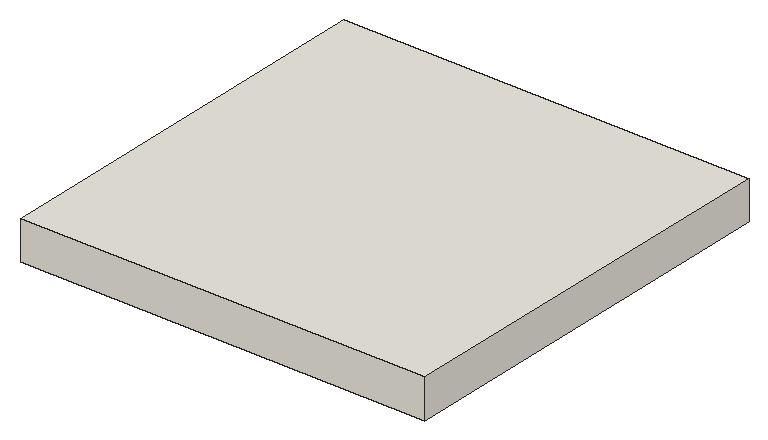
Revit family "UNIVERSAL", category Осветительные приборы, Revit 2019
Family settings
  Размер круглого соединителя = Использовать диаметр
  Тип детали = Нормальный
  На основе рабочей плоскости = Нет
  Всегда вертикально = Нет
  При загрузке вырезать с полостями = Нет
  Источник света = Да
  Общий = Нет
  Точка расчета площади = Да
Parameters (values of type "CSVT Universal - 34/prisma 595х595х55(IP20, 4000К) с БАП на 3 часа")
  built-in parameter 1150104 = 13.8 (stored number, unit not read)
  built-in parameter 1150134 = 12
  Файл фотометрической сетки = "CSVT Universal-34_opal-sand.ies"
  Tilt Angle = 90.00°
  built-in parameter 1150137 = (empty or 0)
  built-in parameter 1150132 = 2
  built-in parameter 1150114 = 1 (stored number, unit not read)
  Dimming Lamp Color Temperature Shift = (empty or 0)
  built-in parameter 1150105 = 246.69 (stored number, unit not read)
  Color Filter = 16777215
  Lumens = 3100 lm
  built-in parameter 1150109 = 1 (stored number, unit not read)
  built-in parameter 1150112 = 1 (stored number, unit not read)
  built-in parameter 1150110 = 1 (stored number, unit not read)
  built-in parameter 1150113 = 1 (stored number, unit not read)
  built-in parameter 1150115 = 1 (stored number, unit not read)
  built-in parameter 1114218 = 1 (stored number, unit not read)
  built-in parameter 1114217 = 1 (stored number, unit not read)
  built-in parameter 1150106 = 2.4669 (stored number, unit not read)
  built-in parameter 1150142 = "IESNA:LM-63-95\r\n[TEST] Протокол № 50-12 \r\n[DATA] 20.06.2016\r\n[MORE] \r\n[MANUFAC] ЗАО \"Центрстройсвет\"\r\n[LUMCAT]  Светильник ALUMOGIPS-38/OPAL-SAND-(610x610)\r\n[LUMINAIRE]\r\n[LAMPCAT] Светодиоды\r\n[LAMP] Поток источника света (светодиодов) не известен\r\n[MORE] КСС приведена в абсолютных величинах кд\r\n[MORE] Вместо потока лампы, указан поток светильника.\r\nTILT=NONE\r\n1    3750 1.0 37 73 1 2 0.61 0.61 0.04\r\n1.0 1.0 38.7\r\n0.0 5.0 10.0 15.0 20.0 25.0 30.0 35.0 40.0 45.0 50.0 55.0 60.0 65.0 70.0 75.0 80.0 85.0 90.0 95.0 100.0 105.0 110.0 115.0 120.0 125.0 130.0 135.0 140.0 145.0 150.0 155.0 160.0 165.0 170.0 175.0 180.0\r\n0.0 5.0 10.0 15.0 20.0 25.0 30.0 35.0 40.0 45.0 50.0 55.0 60.0 65.0 70.0 75.0 80.0 85.0 90.0 95.0 100.0 105.0 110.0 115.0 120.0 125.0 130.0 135.0 140.0 145.0 150.0 155.0 160.0 165.0 170.0 175.0 180.0 185.0 190.0 195.0 200.0 205.0 210.0 215.0 220.0 225.0 230.0 235.0 240.0 245.0 250.0 255.0 260.0 265.0 270.0 275.0 280.0 285.0 290.0 295.0 300.0 305.0 310.0 315.0 320.0 325.0 330.0 335.0 340.0 345.0 350.0 355.0 360.0\r\n1391.4 1390.6 1365.7 1330.6 1277.5 1214.9 1147.5 1059.6 967.6 873.2 772.4 664.9 556.3 449.1 342.7 240.6 147.1 64.2 4.7 0.0 0.0 0.0 0.0 0.0 0.0 0.0 0.0 0.0 0.0 0.0 0.0 0.0 0.0 0.0 0.0 0.0 0.0\r\n1391.4 1390.5 1367.8 1332.7 1284.3 1221.3 1147.0 1062.1 969.2 872.4 773.2 666.3 557.1 450.1 343.8 241.9 146.9 64.7 5.2 0.0 0.0 0.0 0.0 0.0 0.0 0.0 0.0 0.0 0.0 0.0 0.0 0.0 0.0 0.0 0.0 0.0 0.0\r\n1391.4 1390.2 1372.0 1333.3 1277.3 1216.8 1144.5 1057.4 969.6 875.1 773.8 669.5 560.0 454.6 345.8 242.4 148.5 65.8 5.4 0.0 0.0 0.0 0.0 0.0 0.0 0.0 0.0 0.0 0.0 0.0 0.0 0.0 0.0 0.0 0.0 0.0 0.0\r\n1391.4 1389.8 1371.2 1330.7 1279.5 1220.5 1148.3 1059.9 967.7 873.2 767.5 666.8 561.4 453.0 347.1 243.7 149.9 65.6 5.8 0.0 0.0 0.0 0.0 0.0 0.0 0.0 0.0 0.0 0.0 0.0 0.0 0.0 0.0 0.0 0.0 0.0 0.0\r\n1391.4 1389.8 1368.3 1329.3 1285.0 1214.6 1141.1 1058.7 971.8 871.3 775.2 666.9 559.4 452.6 345.8 242.5 150.0 65.8 6.1 0.0 0.0 0.0 0.0 0.0 0.0 0.0 0.0 0.0 0.0 0.0 0.0 0.0 0.0 0.0 0.0 0.0 0.0\r\n1391.4 1390.5 1367.3 1332.3 1281.7 1219.0 1142.8 1064.6 970.5 874.4 772.1 667.5 560.2 453.0 346.2 241.8 149.4 65.7 5.6 0.0 0.0 0.0 0.0 0.0 0.0 0.0 0.0 0.0 0.0 0.0 0.0 0.0 0.0 0.0 0.0 0.0 0.0\r\n1391.4 1391.4 1368.1 1333.5 1277.3 1215.7 1139.0 1059.6 968.1 872.4 771.6 667.4 558.8 453.3 344.3 243.9 148.4 65.7 5.4 0.0 0.0 0.0 0.0 0.0 0.0 0.0 0.0 0.0 0.0 0.0 0.0 0.0 0.0 0.0 0.0 0.0 0.0\r\n1391.4 1391.7 1368.1 1330.4 1278.2 1213.9 1142.4 1061.6 967.4 875.1 772.0 669.3 561.1 452.5 345.2 242.1 148.3 65.4 5.5 0.0 0.0 0.0 0.0 0.0 0.0 0.0 0.0 0.0 0.0 0.0 0.0 0.0 0.0 0.0 0.0 0.0 0.0\r\n1391.4 1391.5 1371.0 1328.4 1278.5 1216.7 1142.1 1061.2 971.8 874.7 772.1 668.9 560.8 452.9 345.4 243.3 147.7 66.0 5.4 0.0 0.0 0.0 0.0 0.0 0.0 0.0 0.0 0.0 0.0 0.0 0.0 0.0 0.0 0.0 0.0 0.0 0.0\r\n1391.4 1391.5 1373.2 1330.5 1277.3 1215.5 1143.2 1063.6 967.0 872.7 772.2 669.4 558.9 453.2 346.6 241.9 148.1 65.2 5.5 0.0 0.0 0.0 0.0 0.0 0.0 0.0 0.0 0.0 0.0 0.0 0.0 0.0 0.0 0.0 0.0 0.0 0.0\r\n1391.4 1391.4 1369.7 1328.3 1281.3 1216.0 1139.8 1057.9 968.7 875.3 773.9 667.6 561.8 454.0 344.0 243.1 147.2 65.6 5.5 0.0 0.0 0.0 0.0 0.0 0.0 0.0 0.0 0.0 0.0 0.0 0.0 0.0 0.0 0.0 0.0 0.0 0.0\r\n1391.4 1390.5 1367.9 1330.1 1278.1 1218.1 1138.9 1061.0 970.0 871.8 770.4 669.3 560.2 453.4 346.9 242.1 148.3 65.2 5.2 0.0 0.0 0.0 0.0 0.0 0.0 0.0 0.0 0.0 0.0 0.0 0.0 0.0 0.0 0.0 0.0 0.0 0.0\r\n1391.4 1389.3 1368.2 1329.1 1280.8 1214.4 1142.5 1059.2 967.2 874.3 772.4 668.0 563.1 452.3 345.7 242.8 146.8 64.9 5.1 0.0 0.0 0.0 0.0 0.0 0.0 0.0 0.0 0.0 0.0 0.0 0.0 0.0 0.0 0.0 0.0 0.0 0.0\r\n1391.4 1388.6 1367.4 1327.8 1278.0 1215.7 1141.0 1061.0 971.5 877.3 771.2 667.3 561.5 453.0 346.4 242.4 146.3 64.8 5.2 0.0 0.0 0.0 0.0 0.0 0.0 0.0 0.0 0.0 0.0 0.0 0.0 0.0 0.0 0.0 0.0 0.0 0.0\r\n1391.4 1388.0 1367.6 1326.7 1278.3 1218.0 1140.9 1061.5 968.4 873.4 770.1 666.6 562.1 454.6 344.8 241.8 146.4 64.0 5.5 0.0 0.0 0.0 0.0 0.0 0.0 0.0 0.0 0.0 0.0 0.0 0.0 0.0 0.0 0.0 0.0 0.0 0.0\r\n1391.4 1387.2 1366.1 1331.0 1281.4 1216.3 1142.7 1059.1 969.4 871.5 772.2 667.3 560.5 453.0 344.4 242.2 146.4 63.8 5.6 0.0 0.0 0.0 0.0 0.0 0.0 0.0 0.0 0.0 0.0 0.0 0.0 0.0 0.0 0.0 0.0 0.0 0.0\r\n1391.4 1387.1 1366.3 1328.7 1276.9 1214.5 1141.2 1059.3 968.4 874.3 775.5 668.3 562.5 454.9 346.4 241.3 146.2 63.5 5.7 0.0 0.0 0.0 0.0 0.0 0.0 0.0 0.0 0.0 0.0 0.0 0.0 0.0 0.0 0.0 0.0 0.0 0.0\r\n1391.4 1388.4 1366.0 1329.7 1279.2 1217.9 1140.0 1060.5 969.0 873.9 772.0 671.3 560.4 453.2 343.7 241.7 145.8 63.7 5.4 0.0 0.0 0.0 0.0 0.0 0.0 0.0 0.0 0.0 0.0 0.0 0.0 0.0 0.0 0.0 0.0 0.0 0.0\r\n1391.4 1389.6 1367.7 1329.3 1277.2 1211.1 1140.1 1061.0 971.0 871.2 769.2 669.1 561.5 453.1 343.3 241.9 145.8 63.4 5.2 0.0 0.0 0.0 0.0 0.0 0.0 0.0 0.0 0.0 0.0 0.0 0.0 0.0 0.0 0.0 0.0 0.0 0.0\r\n1391.4 1388.8 1366.9 1327.1 1279.4 1214.2 1142.5 1056.4 970.7 870.3 771.0 665.1 560.4 453.3 343.8 241.1 145.7 63.4 5.2 0.0 0.0 0.0 0.0 0.0 0.0 0.0 0.0 0.0 0.0 0.0 0.0 0.0 0.0 0.0 0.0 0.0 0.0\r\n1391.4 1387.2 1365.8 1328.9 1276.6 1210.2 1141.4 1059.3 966.6 871.4 770.5 667.4 559.2 451.4 344.2 241.0 145.6 63.2 5.1 0.0 0.0 0.0 0.0 0.0 0.0 0.0 0.0 0.0 0.0 0.0 0.0 0.0 0.0 0.0 0.0 0.0 0.0\r\n1391.4 1386.8 1364.4 1329.8 1279.4 1213.7 1144.0 1059.0 965.3 873.7 768.8 668.9 559.4 449.5 342.6 241.5 144.6 63.4 5.0 0.0 0.0 0.0 0.0 0.0 0.0 0.0 0.0 0.0 0.0 0.0 0.0 0.0 0.0 0.0 0.0 0.0 0.0\r\n1391.4 1388.1 1365.8 1328.1 1273.8 1213.4 1137.9 1059.2 967.3 869.2 769.3 667.7 558.4 451.4 344.0 240.6 145.7 63.4 4.9 0.0 0.0 0.0 0.0 0.0 0.0 0.0 0.0 0.0 0.0 0.0 0.0 0.0 0.0 0.0 0.0 0.0 0.0\r\n1391.4 1389.2 1364.4 1323.2 1276.3 1213.8 1137.6 1055.3 963.1 871.0 767.7 664.1 559.7 447.1 342.4 240.1 145.2 63.9 5.1 0.0 0.0 0.0 0.0 0.0 0.0 0.0 0.0 0.0 0.0 0.0 0.0 0.0 0.0 0.0 0.0 0.0 0.0\r\n1391.4 1388.4 1362.3 1326.8 1274.4 1212.2 1137.9 1054.7 966.7 867.9 768.7 663.4 557.3 449.2 343.3 240.0 145.7 63.6 5.0 0.0 0.0 0.0 0.0 0.0 0.0 0.0 0.0 0.0 0.0 0.0 0.0 0.0 0.0 0.0 0.0 0.0 0.0\r\n1391.4 1386.2 1361.8 1326.5 1273.3 1211.2 1134.5 1048.6 964.3 866.3 767.8 662.9 556.7 449.5 341.9 239.8 145.7 63.7 5.0 0.0 0.0 0.0 0.0 0.0 0.0 0.0 0.0 0.0 0.0 0.0 0.0 0.0 0.0 0.0 0.0 0.0 0.0\r\n1391.4 1384.4 1363.5 1324.4 1272.0 1209.5 1137.2 1053.0 960.2 867.5 767.9 662.7 556.7 449.2 342.5 239.1 146.2 63.8 4.8 0.0 0.0 0.0 0.0 0.0 0.0 0.0 0.0 0.0 0.0 0.0 0.0 0.0 0.0 0.0 0.0 0.0 0.0\r\n1391.4 1383.7 1362.4 1324.4 1274.0 1209.5 1134.4 1050.1 965.4 864.9 764.6 662.3 556.6 447.9 340.5 240.3 145.5 64.6 4.6 0.0 0.0 0.0 0.0 0.0 0.0 0.0 0.0 0.0 0.0 0.0 0.0 0.0 0.0 0.0 0.0 0.0 0.0\r\n1391.4 1384.4 1361.9 1326.9 1270.2 1207.3 1132.7 1050.1 959.7 867.7 763.1 662.2 555.0 447.3 343.0 238.3 145.8 63.9 4.7 0.0 0.0 0.0 0.0 0.0 0.0 0.0 0.0 0.0 0.0 0.0 0.0 0.0 0.0 0.0 0.0 0.0 0.0\r\n1391.4 1385.1 1363.0 1320.0 1270.4 1207.9 1134.4 1055.0 963.5 867.3 766.7 660.7 555.9 450.1 342.6 240.2 145.9 64.3 4.9 0.0 0.0 0.0 0.0 0.0 0.0 0.0 0.0 0.0 0.0 0.0 0.0 0.0 0.0 0.0 0.0 0.0 0.0\r\n1391.4 1384.9 1362.3 1321.4 1273.1 1208.0 1135.4 1052.3 961.9 865.0 764.0 660.8 553.5 447.6 341.2 240.3 146.1 63.8 4.8 0.0 0.0 0.0 0.0 0.0 0.0 0.0 0.0 0.0 0.0 0.0 0.0 0.0 0.0 0.0 0.0 0.0 0.0\r\n1391.4 1383.8 1361.2 1322.1 1265.1 1211.5 1132.8 1049.3 961.3 863.4 764.0 661.0 550.7 447.9 341.0 240.1 146.2 63.8 4.6 0.0 0.0 0.0 0.0 0.0 0.0 0.0 0.0 0.0 0.0 0.0 0.0 0.0 0.0 0.0 0.0 0.0 0.0\r\n1391.4 1382.8 1359.3 1321.5 1269.3 1206.8 1132.8 1051.1 958.3 863.2 763.1 662.7 553.4 448.0 340.4 240.0 145.8 63.8 4.0 0.0 0.0 0.0 0.0 0.0 0.0 0.0 0.0 0.0 0.0 0.0 0.0 0.0 0.0 0.0 0.0 0.0 0.0\r\n1391.4 1382.6 1359.0 1319.6 1268.1 1204.3 1129.8 1049.0 957.7 861.8 761.7 658.4 554.2 446.1 340.4 239.0 145.6 63.8 3.8 0.0 0.0 0.0 0.0 0.0 0.0 0.0 0.0 0.0 0.0 0.0 0.0 0.0 0.0 0.0 0.0 0.0 0.0\r\n1391.4 1382.8 1358.5 1315.8 1266.5 1202.1 1128.5 1049.2 957.6 860.0 762.1 658.2 549.9 443.8 339.6 238.4 145.7 63.6 3.7 0.0 0.0 0.0 0.0 0.0 0.0 0.0 0.0 0.0 0.0 0.0 0.0 0.0 0.0 0.0 0.0 0.0 0.0\r\n1391.4 1382.2 1360.5 1319.2 1265.9 1204.5 1129.9 1046.9 955.0 862.9 758.9 657.9 552.5 444.9 338.9 238.8 145.3 63.6 3.3 0.0 0.0 0.0 0.0 0.0 0.0 0.0 0.0 0.0 0.0 0.0 0.0 0.0 0.0 0.0 0.0 0.0 0.0\r\n1391.4 1381.1 1361.2 1321.0 1268.1 1203.8 1128.8 1047.4 955.6 863.7 761.1 656.4 551.5 445.2 339.2 238.5 144.7 62.5 3.5 0.0 0.0 0.0 0.0 0.0 0.0 0.0 0.0 0.0 0.0 0.0 0.0 0.0 0.0 0.0 0.0 0.0 0.0\r\n1391.4 1380.6 1359.0 1316.4 1268.5 1204.0 1126.1 1049.5 956.2 859.6 759.7 656.5 549.2 444.3 338.4 236.1 143.8 61.6 3.2 0.0 0.0 0.0 0.0 0.0 0.0 0.0 0.0 0.0 0.0 0.0 0.0 0.0 0.0 0.0 0.0 0.0 0.0\r\n1391.4 1380.7 1356.6 1316.0 1267.0 1205.6 1130.3 1044.8 956.9 856.7 759.3 653.5 548.1 441.9 335.3 235.4 141.4 60.3 2.9 0.0 0.0 0.0 0.0 0.0 0.0 0.0 0.0 0.0 0.0 0.0 0.0 0.0 0.0 0.0 0.0 0.0 0.0\r\n1391.4 1380.4 1354.4 1317.9 1268.8 1199.0 1129.0 1044.0 956.9 860.6 758.3 656.9 549.1 442.0 334.4 236.1 141.7 60.5 2.6 0.0 0.0 0.0 0.0 0.0 0.0 0.0 0.0 0.0 0.0 0.0 0.0 0.0 0.0 0.0 0.0 0.0 0.0\r\n1391.4 1380.1 1356.7 1322.1 1264.6 1201.7 1129.9 1047.4 957.2 859.7 758.2 656.1 549.4 442.8 335.3 235.8 141.3 60.6 2.3 0.0 0.0 0.0 0.0 0.0 0.0 0.0 0.0 0.0 0.0 0.0 0.0 0.0 0.0 0.0 0.0 0.0 0.0\r\n1391.4 1379.9 1357.3 1317.5 1265.9 1207.8 1129.2 1046.5 955.7 860.2 758.6 656.9 550.7 441.9 335.4 233.9 140.6 60.2 2.4 0.0 0.0 0.0 0.0 0.0 0.0 0.0 0.0 0.0 0.0 0.0 0.0 0.0 0.0 0.0 0.0 0.0 0.0\r\n1391.4 1379.2 1355.5 1314.6 1269.3 1203.7 1133.5 1044.8 957.2 857.9 762.0 656.6 548.7 440.4 335.9 234.5 140.4 59.8 2.8 0.0 0.0 0.0 0.0 0.0 0.0 0.0 0.0 0.0 0.0 0.0 0.0 0.0 0.0 0.0 0.0 0.0 0.0\r\n1391.4 1377.9 1357.1 1319.2 1271.9 1204.4 1128.6 1050.2 953.1 856.9 757.6 653.7 548.9 439.9 335.4 232.4 140.5 59.2 3.0 0.0 0.0 0.0 0.0 0.0 0.0 0.0 0.0 0.0 0.0 0.0 0.0 0.0 0.0 0.0 0.0 0.0 0.0\r\n1391.4 1377.2 1356.3 1322.9 1266.0 1204.8 1132.2 1049.0 958.1 859.3 759.0 654.6 547.0 441.6 334.9 232.1 139.3 58.8 2.9 0.0 0.0 0.0 0.0 0.0 0.0 0.0 0.0 0.0 0.0 0.0 0.0 0.0 0.0 0.0 0.0 0.0 0.0\r\n1391.4 1377.8 1353.8 1319.7 1269.6 1207.9 1135.8 1049.5 955.8 858.0 762.4 655.9 548.2 441.6 335.6 231.7 139.4 58.8 2.8 0.0 0.0 0.0 0.0 0.0 0.0 0.0 0.0 0.0 0.0 0.0 0.0 0.0 0.0 0.0 0.0 0.0 0.0\r\n1391.4 1378.5 1355.2 1319.8 1267.3 1206.5 1131.2 1046.1 954.6 861.2 756.6 653.8 548.1 440.3 335.0 232.6 138.6 59.0 2.9 0.0 0.0 0.0 0.0 0.0 0.0 0.0 0.0 0.0 0.0 0.0 0.0 0.0 0.0 0.0 0.0 0.0 0.0\r\n1391.4 1378.6 1355.1 1318.3 1269.7 1200.8 1133.1 1049.0 957.6 862.5 762.4 656.9 549.3 443.5 334.7 231.2 138.8 58.1 3.0 0.0 0.0 0.0 0.0 0.0 0.0 0.0 0.0 0.0 0.0 0.0 0.0 0.0 0.0 0.0 0.0 0.0 0.0\r\n1391.4 1378.8 1355.8 1321.7 1268.8 1210.0 1129.0 1048.5 958.8 862.4 762.2 656.4 549.0 441.1 335.4 231.5 138.5 58.1 3.0 0.0 0.0 0.0 0.0 0.0 0.0 0.0 0.0 0.0 0.0 0.0 0.0 0.0 0.0 0.0 0.0 0.0 0.0\r\n1391.4 1379.6 1357.6 1321.7 1269.0 1207.1 1133.9 1047.0 964.1 863.3 761.9 656.4 551.5 440.7 334.9 232.2 137.6 58.1 2.8 0.0 0.0 0.0 0.0 0.0 0.0 0.0 0.0 0.0 0.0 0.0 0.0 0.0 0.0 0.0 0.0 0.0 0.0\r\n1391.4 1380.6 1357.7 1319.2 1272.0 1207.5 1131.3 1054.6 959.0 863.3 764.8 655.9 549.1 443.0 335.1 231.3 138.0 58.1 2.7 0.0 0.0 0.0 0.0 0.0 0.0 0.0 0.0 0.0 0.0 0.0 0.0 0.0 0.0 0.0 0.0 0.0 0.0\r\n1391.4 1381.5 1358.5 1321.9 1271.0 1204.1 1135.9 1055.8 962.5 865.5 761.1 656.9 550.6 442.0 335.3 231.9 137.4 57.9 2.6 0.0 0.0 0.0 0.0 0.0 0.0 0.0 0.0 0.0 0.0 0.0 0.0 0.0 0.0 0.0 0.0 0.0 0.0\r\n1391.4 1381.3 1358.5 1322.3 1270.8 1207.2 1133.7 1051.9 958.0 867.3 767.5 657.0 552.1 442.3 333.6 231.2 137.9 57.8 2.6 0.0 0.0 0.0 0.0 0.0 0.0 0.0 0.0 0.0 0.0 0.0 0.0 0.0 0.0 0.0 0.0 0.0 0.0\r\n1391.4 1380.6 1359.4 1319.7 1270.6 1209.0 1133.0 1052.1 963.9 867.5 764.1 660.0 554.0 443.3 334.8 231.7 137.6 57.8 2.7 0.0 0.0 0.0 0.0 0.0 0.0 0.0 0.0 0.0 0.0 0.0 0.0 0.0 0.0 0.0 0.0 0.0 0.0\r\n1391.4 1381.3 1359.9 1321.3 1270.6 1204.8 1135.0 1051.3 962.1 865.5 761.7 660.3 553.1 443.5 334.1 231.9 137.9 57.8 2.8 0.0 0.0 0.0 0.0 0.0 0.0 0.0 0.0 0.0 0.0 0.0 0.0 0.0 0.0 0.0 0.0 0.0 0.0\r\n1391.4 1383.1 1362.1 1324.8 1273.8 1208.7 1134.8 1055.9 961.8 866.4 762.3 659.7 552.4 443.7 334.4 232.8 138.0 58.0 2.8 0.0 0.0 0.0 0.0 0.0 0.0 0.0 0.0 0.0 0.0 0.0 0.0 0.0 0.0 0.0 0.0 0.0 0.0\r\n1391.4 1384.6 1360.4 1321.7 1272.0 1210.6 1130.9 1052.5 963.1 866.7 767.4 659.3 553.7 444.6 335.4 233.1 138.3 58.0 2.8 0.0 0.0 0.0 0.0 0.0 0.0 0.0 0.0 0.0 0.0 0.0 0.0 0.0 0.0 0.0 0.0 0.0 0.0\r\n1391.4 1385.6 1357.5 1324.7 1273.9 1211.6 1134.3 1052.7 963.6 865.4 763.1 658.7 552.2 444.9 336.9 232.8 138.8 58.6 2.9 0.0 0.0 0.0 0.0 0.0 0.0 0.0 0.0 0.0 0.0 0.0 0.0 0.0 0.0 0.0 0.0 0.0 0.0\r\n1391.4 1386.4 1357.8 1323.4 1273.2 1212.2 1136.3 1054.7 967.5 867.5 764.0 659.4 553.3 443.7 336.8 233.2 138.9 58.5 3.1 0.0 0.0 0.0 0.0 0.0 0.0 0.0 0.0 0.0 0.0 0.0 0.0 0.0 0.0 0.0 0.0 0.0 0.0\r\n1391.4 1386.6 1362.0 1324.9 1273.2 1211.3 1139.0 1049.9 960.3 866.4 768.0 661.3 552.2 443.4 336.3 233.4 139.8 58.9 3.1 0.0 0.0 0.0 0.0 0.0 0.0 0.0 0.0 0.0 0.0 0.0 0.0 0.0 0.0 0.0 0.0 0.0 0.0\r\n1391.4 1386.0 1360.5 1326.0 1271.8 1212.0 1137.2 1059.3 963.5 867.6 766.9 661.2 552.3 445.8 337.8 233.6 141.0 59.2 3.3 0.0 0.0 0.0 0.0 0.0 0.0 0.0 0.0 0.0 0.0 0.0 0.0 0.0 0.0 0.0 0.0 0.0 0.0\r\n1391.4 1385.0 1362.3 1325.1 1272.0 1207.1 1138.5 1053.6 964.5 865.8 766.5 661.6 554.3 445.9 337.0 234.5 140.4 60.2 3.5 0.0 0.0 0.0 0.0 0.0 0.0 0.0 0.0 0.0 0.0 0.0 0.0 0.0 0.0 0.0 0.0 0.0 0.0\r\n1391.4 1384.4 1361.8 1323.6 1274.0 1214.8 1138.9 1053.9 968.0 867.9 769.0 663.8 555.6 446.7 339.6 235.0 141.3 60.4 3.4 0.0 0.0 0.0 0.0 0.0 0.0 0.0 0.0 0.0 0.0 0.0 0.0 0.0 0.0 0.0 0.0 0.0 0.0\r\n1391.4 1385.0 1360.9 1322.2 1272.4 1209.8 1137.2 1055.7 962.7 869.7 769.6 658.2 556.6 447.4 338.5 236.2 142.5 60.7 3.4 0.0 0.0 0.0 0.0 0.0 0.0 0.0 0.0 0.0 0.0 0.0 0.0 0.0 0.0 0.0 0.0 0.0 0.0\r\n1391.4 1386.6 1363.1 1323.6 1272.5 1211.5 1139.2 1058.4 969.9 868.0 768.8 664.6 556.3 445.8 342.1 236.1 142.3 61.2 3.5 0.0 0.0 0.0 0.0 0.0 0.0 0.0 0.0 0.0 0.0 0.0 0.0 0.0 0.0 0.0 0.0 0.0 0.0\r\n1391.4 1388.6 1360.9 1330.2 1273.7 1213.2 1138.7 1058.3 966.2 867.0 766.8 663.4 553.3 447.1 339.2 238.7 143.0 61.4 3.8 0.0 0.0 0.0 0.0 0.0 0.0 0.0 0.0 0.0 0.0 0.0 0.0 0.0 0.0 0.0 0.0 0.0 0.0\r\n1391.4 1389.8 1360.8 1328.4 1276.8 1216.0 1140.1 1055.8 963.1 870.3 768.4 663.1 554.0 449.1 340.1 237.3 144.8 61.7 3.8 0.0 0.0 0.0 0.0 0.0 0.0 0.0 0.0 0.0 0.0 0.0 0.0 0.0 0.0 0.0 0.0 0.0 0.0\r\n1391.4 1389.3 1362.5 1325.9 1278.0 1210.4 1138.2 1054.7 967.8 872.7 770.2 661.9 556.5 446.9 341.3 237.7 144.4 62.5 3.9 0.0 0.0 0.0 0.0 0.0 0.0 0.0 0.0 0.0 0.0 0.0 0.0 0.0 0.0 0.0 0.0 0.0 0.0\r\n1391.4 1387.8 1365.8 1326.6 1274.3 1213.2 1141.4 1053.1 966.2 871.2 768.4 663.7 555.0 447.1 341.3 238.2 144.3 62.7 4.1 0.0 0.0 0.0 0.0 0.0 0.0 0.0 0.0 0.0 0.0 0.0 0.0 0.0 0.0 0.0 0.0 0.0 0.0\r\n1391.4 1387.2 1364.2 1328.3 1274.8 1209.4 1145.0 1060.0 963.9 867.5 766.5 663.4 556.7 448.2 340.9 240.3 144.7 63.3 4.0 0.0 0.0 0.0 0.0 0.0 0.0 0.0 0.0 0.0 0.0 0.0 0.0 0.0 0.0 0.0 0.0 0.0 0.0\r\n1391.4 1388.4 1364.9 1332.6 1279.0 1215.6 1140.9 1056.3 969.3 867.1 770.0 663.8 559.0 449.0 342.4 240.3 145.7 63.3 4.7 0.0 0.0 0.0 0.0 0.0 0.0 0.0 0.0 0.0 0.0 0.0 0.0 0.0 0.0 0.0 0.0 0.0 0.0\r\n1391.4 1390.0 1364.5 1329.3 1281.4 1217.7 1141.3 1063.3 970.3 871.1 768.8 663.5 555.2 449.3 342.4 239.8 146.6 63.3 4.9 0.0 0.0 0.0 0.0 0.0 0.0 0.0 0.0 0.0 0.0 0.0 0.0 0.0 0.0 0.0 0.0 0.0 0.0\r\n1391.4 1390.6 1365.7 1330.6 1277.5 1214.9 1147.5 1059.6 967.6 873.2 772.4 664.9 556.3 449.1 342.7 240.6 147.1 64.2 4.7 0.0 0.0 0.0 0.0 0.0 0.0 0.0 0.0 0.0 0.0 0.0 0.0 0.0 0.0 0.0 0.0 0.0 0.0\r\n"
  built-in parameter 1150133 = 10 (stored number, unit not read)
  Wattage = 20.8695 W
  built-in parameter 1150139 = (empty or 0)
  built-in parameter 1150138 = (empty or 0)
  built-in parameter 1150107 = 4000 (stored number, unit not read)
  built-in parameter 1150102 = (empty or 0)
  Emit from Rectangle Width = Ширина - 40 mm  # 555 mm
  Emit from Rectangle Length = Длина - 40 mm  # 555 mm
  Длина = 595 mm
  УГО [instance] = yes
  Description = ""
  Материал светильника = RAL 9001
  Материал стекла = RAL светящийся
  Type Comments = ""
  Изготовитель = "ЗАО «Центрстройсвет»"
  Ширина = 595 mm
  Высота = 55 mm
  Видимая форма излучения при визуализации = yes
  URL = "http://csvt.ru/"
  ADSK_Ток = ADSK_Номинальная мощность / (ADSK_Коэффициент мощности * ADSK_Напряжение * sqrt(ADSK_Количество фаз числовое))  # 0.151229 A
  ADSK_Примечание = ""
  ADSK_Полная мощность = ADSK_Номинальная мощность / ADSK_Коэффициент мощности  # 34.7826 VA
  ADSK_Обозначение = "CSVT Universal - 34/prisma 595х595х55 (IP20, 4000К)"
  ADSK_Номинальная мощность = 32 W
  ADSK_Напряжение = 230 V
  ADSK_Наименование = "Универсальный светодиодный светильник CSVT Universal - 34/prisma 595х595х55(IP20, 4000К) с БАП на 3 часа"
  ADSK_Масса = 3
  ADSK_Коэффициент мощности = 0.92
  ADSK_Количество фаз числовое = 1
  ADSK_Количество фаз = 1
  ADSK_Код изделия = "ЦБ000007896"
  ADSK_Классификация нагрузок = Прочее
  ADSK_Завод-изготовитель = "ЗАО «Центрстройсвет»"
  ADSK_Единица измерения = "шт."
Reference planes
  plane 1 "По центру (Вперед/Назад)": y = 0
  plane 2: z = 0
  plane 3 "По центру (Влево/Вправо)": x = 0
  plane 4: x = -297.5
  plane 5: x = 297.5
  plane 6: y = -297.5
  plane 7: y = 297.5
  plane 8: y = -277.5
  plane 9: y = 277.5
  plane 10: x = 277.5
  plane 11: x = -277.5
  plane 12: z = 55
  plane 13: z = -2
  plane 14: z = -3
  plane 15: z = -0.986
  plane 16: y = 292.5
  plane 17: x = -292.5
  plane 18: y = -292.5
  plane 19: x = 292.5
  plane 20: z = 10
Forms (mm)
  Extrusion 1, solid, material "RAL 9001" <- "Материал светильника", detail levels medium+fine
    sketch origin (0, 0, 0) x (1, 0, 0) y (0, 1, 0)
      loop
        line (-297.5, 297.5) -> (-297.5, -297.5) -> (297.5, -297.5) -> (297.5, 297.5) -> (-297.5, 297.5)
    from -2 to 55
  Extrusion 2, void, detail levels medium+fine
    sketch origin (0, 0, 0) x (1, 0, 0) y (0, 1, 0)
      loop
        line (-277.5, 277.5) -> (-277.5, -277.5) -> (277.5, -277.5) -> (277.5, 277.5) -> (-277.5, 277.5)
    from -2 to 0
  Extrusion 3, solid, material "RAL 9001" <- "Материал светильника", detail levels medium+fine
    sketch origin (0, 0, 0) x (1, 0, 0) y (0, 1, 0)
      loop
        line (-277.5, 277.5) -> (-277.5, -277.5) -> (277.5, -277.5) -> (277.5, 277.5) -> (-277.5, 277.5)
      loop
        line (-292.5, -292.5) -> (292.5, -292.5) -> (292.5, 292.5) -> (-292.5, 292.5) -> (-292.5, -292.5)
    from -3 to -2
  Extrusion 4, solid, material "RAL светящийся" <- "Материал стекла", detail levels medium+fine
    sketch origin (0, 0, 0) x (1, 0, 0) y (0, 1, 0)
      loop
        line (-277.5, 277.5) -> (-277.5, -277.5) -> (277.5, -277.5) -> (277.5, 277.5) -> (-277.5, 277.5)
    from -0.986 to 10
Cuts and joins
  Extrusion 2 cuts Extrusion 1
  joined: Extrusion 1, Extrusion 3
Dimensions and locks
  equal spacing: plane 4, plane 3 "По центру (Влево/Вправо)", plane 5
  "Длина": plane 4 to plane 5
  equal spacing: plane 7, plane 1 "По центру (Вперед/Назад)", plane 6
  "Ширина": plane 7 to plane 6
  locked: plane 8 to plane 6 at 20
  locked: plane 9 to plane 7 at 20
  locked: plane 4 to plane 11 at 20
  locked: plane 10 to plane 5 at 20
  "Высота": plane 12 to plane 2
  locked: plane 2 to plane 13 at 2
  locked: plane 13 to plane 14 at 1
  locked: plane 15 to plane 13 at 1.014
  locked: plane 9 to plane 16 at 15
  locked: plane 17 to plane 11 at 15
  locked: plane 8 to plane 18 at 15
  locked: plane 10 to plane 19 at 15
  locked: plane 20 to plane 2 at 10
  aligned and locked: level to plane 2
  aligned and locked: plane 7 to Extrusion 1 sketch curve
  aligned and locked: plane 4 to Extrusion 1 sketch curve
  aligned and locked: plane 6 to Extrusion 1 sketch curve
  aligned and locked: plane 5 to Extrusion 1 sketch curve
  aligned and locked: plane 12 to Extrusion 1
  aligned and locked: Extrusion 1 to plane 13
  aligned and locked: Extrusion 1 to Extrusion 2
  aligned and locked: level to Extrusion 2
  aligned and locked: Extrusion 3 to plane 14
  aligned and locked: plane 13 to Extrusion 3
  aligned and locked: plane 9 to Extrusion 4 sketch curve
  aligned and locked: plane 8 to Extrusion 4 sketch curve
  aligned and locked: plane 10 to Extrusion 4 sketch curve
  aligned and locked: plane 11 to Extrusion 4 sketch curve
  aligned and locked: Extrusion 4 to plane 15
  aligned and locked: plane 15 to imposter light
  aligned and locked: plane 20 to Extrusion 4
  aligned and locked: plane 18 to Extrusion 3 sketch curve
  aligned and locked: plane 17 to Extrusion 3 sketch curve
  aligned and locked: Extrusion 3 sketch curve to plane 19
  aligned and locked: Extrusion 3 sketch curve to plane 16
Automatic sketch dimensions
  Extrusion 3 sketch curve to plane 8 = 0 mm
  Extrusion 2 sketch curve to plane 8 = 0 mm
  Extrusion 2 sketch curve to plane 11 = 0 mm
  Extrusion 2 sketch curve to plane 10 = 0 mm
  plane 9 to Extrusion 2 sketch curve = 0 mm
  Extrusion 3 sketch curve to plane 10 = 0 mm
  plane 9 to Extrusion 3 sketch curve = 0 mm
  Extrusion 3 sketch curve to plane 11 = 0 mm
Nested families
  nested 1: "УГО светильник светодиодный" at (0, 0, 0), type "УГО светильник прямоугольный"
Connectors
  electrical at (0, 0, 55), driven by "ADSK_Количество фаз", driven by "ADSK_Классификация нагрузок", driven by "ADSK_Напряжение", driven by "ADSK_Полная мощность", driven by "ADSK_Коэффициент мощности"
    settings: on cut or joined group of Extrusion 1, Extrusion 2, Extrusion 3, index 1, voltage 230 V, apparent load 0 VA, apparent load phase1 34.7826 VA, apparent load phase2 0 VA, apparent load phase3 0 VA, power factor 0.92, load classification "Прочее", number of poles 1, system type 31, power factor state 1, is connector primary yes, connector utility no, sub classification motor no, connector description ""
Definition of nested family "УГО светильник светодиодный"
  Parameters
    Длина = 1000 mm
    Ширина = 500 mm
  Reference planes
    plane 1 "По центру (Вперед/Назад)": y = 0
    plane 2: z = 0
    plane 3 "По центру (Влево/Вправо)": x = 0
    plane 4: x = -500
    plane 5: y = 250
    plane 6: x = 500
    plane 7: y = -250
    plane 8: x = -333.333
    plane 9: x = -166.667
    plane 10: x = 333.333
    plane 11: x = 166.667
  Lines and regions (mm)
    model lines, detail levels coarse
      curve 1: line (-500, 250, 0) -> (500, 250, 0)
      curve 2: line (-500, -250, 0) -> (-500, 250, 0)
      curve 3: line (500, -250, 0) -> (-500, -250, 0)
      curve 4: line (500, 250, 0) -> (500, -250, 0)
      curve 5: line (333.333, -250, 0) -> (333.333, 250, 0)
      curve 6: line (-333.333, -250, 0) -> (-333.333, 250, 0)
  Dimensions and locks
    equal spacing: plane 7, plane 1 "По центру (Вперед/Назад)", plane 5
    "Ширина": plane 7 to plane 5
    equal spacing: plane 4, plane 3 "По центру (Влево/Вправо)", plane 6
    "Длина": plane 4 to plane 6
    equal spacing: plane 4, plane 9, plane 11, plane 6
    equal spacing: plane 4, plane 8, plane 9
    equal spacing: plane 11, plane 10, plane 6
    aligned and locked: level to plane 2
    aligned and locked: curve 1 to plane 5
    aligned and locked: plane 4 to curve 2
    aligned and locked: curve 3 to plane 7
    aligned and locked: plane 6 to curve 4
    aligned and locked: curve 5 to plane 10
    aligned and locked: plane 8 to curve 6
